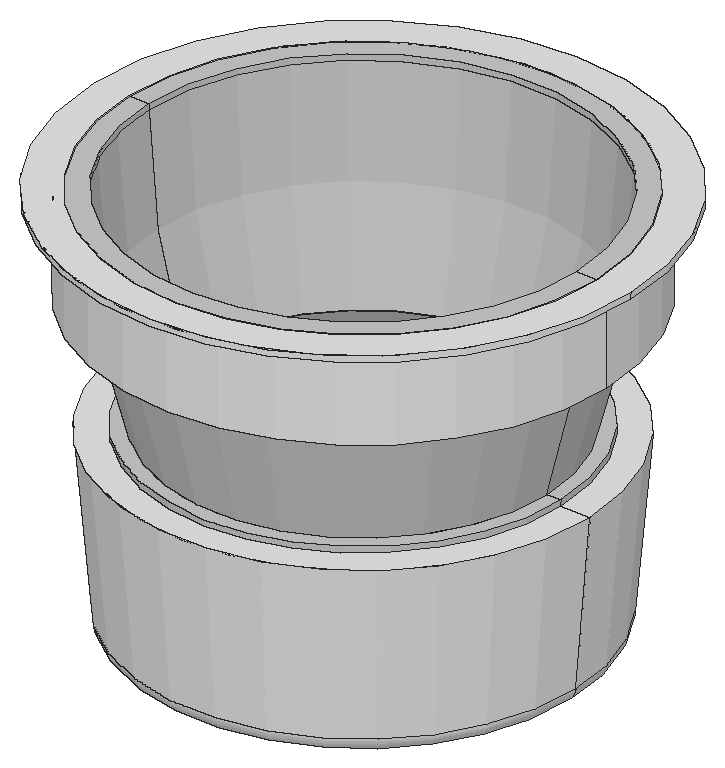
Revit family "2059363 Lighting Fixture_Sylvania_Ascent 150 II Round_Ceiling Recessed", category Lighting Fixtures, host Face, Revit 2017
Family settings
  Host = Face
  Round Connector Dimension = Use Diameter
  Part Type = Normal
  OmniClass Number = 23.80.70.11.17
  OmniClass Title = Specialized Lighting by Location or Use
  Cut with Voids When Loaded = No
  Light Source = Yes
  Shared = No
  Room Calculation Point = No
Parameters (values of type "ASCENT 150 II 2400 4K DALI EM")
  Upper Body Radius = Radius - 14.5 mm  # 80.0 mm
  Upper Body Material = Metal_Sylvania_Ascent 150 II_Black
  Ring Outer Diameter = Diameter - 17.0 mm  # 172.0 mm
  Ring Inner Diameter = Ring Outer Diameter - 4.0 mm  # 168.0 mm
  Reflector Material = Metal_Sylvania_Ascent 150 II_Polished
  Recessed Depth = 142.0 mm
  Radius = Diameter / 2  # 94.5 mm
  Light Emit  Diameter = Diameter - 38.0 mm  # 151.0 mm
  LOR = "100%"  # constant formula
  Inrush Current (max. quantity per 16A C breaker) = "80"  # constant formula
  Inner Reflector Radius = Inner Radius - 19.5 mm  # 63.0 mm
  Inner Radius = Inner Diameter / 2  # 82.5 mm
  Inner Diameter = Diameter - 24.0 mm  # 165.0 mm
  IP Rating = "IP44"  # constant formula
  IK Rating = "IK02"  # constant formula
  Glow Wire Test = 650 °C  # constant formula
  Energy Class = "A++,A+,A"  # constant formula
  Weight = 2.45 kg
  Wattage = 3.42276 W
  built-in parameter 1150110 = 1 (stored number, unit not read)
  Voltage Comments = "UNV (Universal Voltage; 220-240 Volt)"  # constant formula
  Voltage = 230 V  # constant formula
  URL = "https://www.sylvania-lighting.com"
  built-in parameter 1114217 = 1 (stored number, unit not read)
  Tilt Angle = -90°
  built-in parameter 1150109 = 1 (stored number, unit not read)
  built-in parameter 1150134 = 12
  built-in parameter 1150113 = 1 (stored number, unit not read)
  Product Page URL = "https://www.sylvania-lighting.com/product/en-int/products/2059363"
  Product Family = "ASCENT 150 II ROUND"  # constant formula
  Photometry Comments = ""
  Photometric Web File = "2059363_ASCENT150II24004kDALIEM-206440.ies"
  Life = "50 000 h"  # constant formula
  Emit from Circle Diameter = Light Emit  Diameter  # 151.0 mm
  Emit Shape Visible in Rendering = no
  Emergency duration (h) = "N/A"
  Electrical Protection = "Class II"  # constant formula
  Drive Current = "700mA"  # constant formula
  Distribution type = "Direct"  # constant formula
  Diffuser Material = Glass_Sylvania_Ascent 150 II_Clear_4000K
  Diameter = 189.0 mm
  Cutout Diameter = Diameter - 13.0 mm  # 176.0 mm
  Colour consistency (SDCM) = "3 step"  # constant formula
  built-in parameter 1114216 [instance] = 1 (stored number, unit not read)
  Model = "ASCENT 150 II 2400 4K DALI EM"
  Manufacturer = "Feilo Sylvania"
  built-in parameter 1150105 = 253.56 (stored number, unit not read)
  Lumens = 421 lm
  built-in parameter 1150115 = 1 (stored number, unit not read)
  built-in parameter 1150137 = (empty or 0)
  built-in parameter 1150139 = (empty or 0)
  built-in parameter 1150112 = 1 (stored number, unit not read)
  built-in parameter 1150114 = 1 (stored number, unit not read)
  Lamp Comments = "Integrated LED"  # constant formula
  Lamp = "LED"  # constant formula
  built-in parameter 1150132 = 2
  built-in parameter 1150102 = (empty or 0)
  built-in parameter 1150107 = 4000 (stored number, unit not read)
  built-in parameter 1150138 = (empty or 0)
  built-in parameter 1150106 = 2.5356 (stored number, unit not read)
  built-in parameter 1150104 = 11.427 (stored number, unit not read)
  Dimming Lamp Color Temperature Shift = <None>
  Description = "A very high efficient round downlight up to 127lm/W Long life >50,000hrs 4,000K and 3,000K CCT and CRI Ra85 IP44 rated for wet areas and bathrooms UGR <19 version for offices to comply with EN12464-1 Wide selection of decorative accessories"  # constant formula
  Default Elevation = 0.0 mm
  Color Filter = 16777215
  Catalog Number = "2059363 ASCENT 150 II 2400 4K DALI EM"
  built-in parameter 1140040 [instance] = 1
  CRI (Ra) = ">80"  # constant formula
  built-in parameter 1114218 = 1 (stored number, unit not read)
  built-in parameter 1150133 = 10 (stored number, unit not read)
  Assembly Code = "D5020200"
  Apparent Load Comments = ""
  Apparent Load = 14 VA
  Accessory Material = Aluminum_Sylvania_Ascent 150 II_White
Reference planes
  plane 1 "Center (Front/Back)": y = 0
  plane 2: z = 0
  plane 3 "Center (Left/Right)": x = 0
  plane 4: z = 2
  plane 5: z = -74
  plane 6 "Fixture Top": z = -140
  plane 7: z = -31
  plane 8: z = -72
  plane 9: z = -62.037
Forms (mm)
  Extrusion 1, solid, material "Aluminum_Sylvania_Ascent 150 II_White" <- "Accessory Material", detail levels fine
    sketch origin (0, 0, 0) x (1, 0, 0) y (0, 1, 0)
      loop
        circle (0, 0) r 94.5
      loop
        circle (0, 0) r 82.5
    from 0 to 2
  Extrusion 2, void
    sketch origin (0, 0, 0) x (1, 0, 0) y (0, 1, 0)
      loop
        circle (0, 0) r 88
    from -140 to 2
  Revolve 3, solid, material "Metal_Sylvania_Ascent 150 II_Polished" <- "Reflector Material", detail levels fine
    sketch origin (0, 0, 0) x (1, 0, 0) y (0, 0, 1)
      loop
        line (-82.5, 0) -> (-77.5, 0)
        arc (-77.5, 0) -> (-74.352, -36.539) -> (-65, -72) r 213.61
        line (-65, -72) -> (-70, -72) -> (-70, -74) -> (0, -74) -> (0, -72) -> (-63, -72)
        arc (-63, -72) -> (-72.352, -36.539) -> (-75.5, 0) r 213.61
        line (-75.5, 0) -> (-75.5, 2) -> (-82.5, 2) -> (-82.5, 0)
      axis (0, 2) -> (0, -74)
    angle from 0 to 360
  Extrusion 4, solid, material "Aluminum_Sylvania_Ascent 150 II_White" <- "Accessory Material", detail levels fine
    sketch origin (0, 0, 0) x (1, 0, 0) y (0, 1, 0)
      loop
        circle (0, 0) r 86
      loop
        circle (0, 0) r 84
    from -31 to 0
  Revolve 5, solid, material "Glass_Sylvania_Ascent 150 II_Clear_4000K" <- "Diffuser Material", detail levels fine
    sketch origin (0, 0, 0) x (1, 0, 0) y (0, 0, 1)
      loop
        line (-63, -72) -> (0, -72) -> (0, -62.037)
        arc (0, -62.037) -> (-31.891, -64.543) -> (-63, -72) r 204.163
      axis (0, -62.037) -> (0, -72)
    angle from 0 to 360
  Revolve 6, solid, material "Metal_Sylvania_Ascent 150 II_Black" <- "Upper Body Material", detail levels fine
    sketch origin (0, 0, 0) x (1, 0, 0) y (0, 0, 1)
      loop
        line (0, -74) -> (-80, -74) -> (-75.107, -129.929)
        arc (-75.107, -129.929) -> (-73.452, -133.536) -> (-69.924, -135.353) r 6.079
        arc (-69.924, -135.353) -> (-35.039, -138.837) -> (0, -140) r 528.435
        line (0, -140) -> (0, -74)
      axis (0, -74) -> (0, -140)
    angle from 0 to 360
  Revolve 7, solid, material "Aluminum_Sylvania_Ascent 150 II_White" <- "Accessory Material", detail levels coarse+medium
    sketch origin (0, 0, 0) x (1, 0, 0) y (0, 0, 1)
      loop
        arc (-69.924, -135.353) -> (-35.039, -138.837) -> (0, -140) r 528.435
        line (0, -140) -> (0, 2) -> (-94.5, 2) -> (-94.5, 0) -> (-86, 0) -> (-86, -31)
        arc (-86, -31) -> (-84.493, -52.708) -> (-80, -74) r 157.083
        line (-80, -74) -> (-75.107, -129.929)
        arc (-75.107, -129.929) -> (-73.452, -133.536) -> (-69.924, -135.353) r 6.079
      axis (0, 2) -> (0, -140)
    angle from 0 to 360
Cuts and joins
  joined: Extrusion 1, Extrusion 4
Lines and regions (mm)
  Masking region 1
    outline origin (0, 0, 0) x (1, 0, 0) y (0, 1, 0)
      loop
        circle (0, 0) r 94.5
  symbolic lines, detail levels fine
    curve 1: arc (-75.5, 0, 0) -> (0, 75.5, 0) -> (75.5, 0, 0) r 75.5
    curve 2: arc (75.5, 0, 0) -> (0, -75.5, 0) -> (-75.5, 0, 0) r 75.5
Dimensions and locks
  plane 4 to plane 2 to plane 7 to plane 9 to plane 8 to plane 5 = 2.0 mm locked, 31.0 mm locked, 31.037 mm locked, 9.963 mm locked, 2.0 mm locked
  "Inner Radius": plane 3 "Center (Left/Right)" to Revolve 3 sketch curve
  locked: Revolve 3 sketch curve to Revolve 3 sketch curve at 7
  Revolve 3 sketch curve to Revolve 3 sketch curve to Revolve 3 sketch curve to Revolve 3 sketch curve = 2.0 mm locked, 5.0 mm locked, 12.5 mm locked
  "Inner Reflector Radius": Revolve 5 sketch curve to imposter light
  Revolve 6 sketch curve to Revolve 6 sketch curve to plane 6 "Fixture Top" = 5.424 mm locked, 4.647 mm locked
  "Recessed Depth": plane 4 to plane 6 "Fixture Top"
  "Upper Body Radius": plane 3 "Center (Left/Right)" to Revolve 6 sketch curve
  Revolve 6 sketch curve to Revolve 6 sketch curve to Revolve 6 sketch curve = 4.893 mm locked, 5.183 mm locked
  Revolve 7 sketch curve to Revolve 7 sketch curve to plane 6 "Fixture Top" = 5.424 mm locked, 4.647 mm locked
  Revolve 7 sketch curve to Revolve 7 sketch curve to Revolve 7 sketch curve to Revolve 7 sketch curve to Revolve 7 sketch curve = 8.5 mm locked, 6.0 mm locked, 4.893 mm locked, 5.183 mm locked
  "Radius": plane 3 "Center (Left/Right)" to Revolve 7 sketch curve
  "Diameter": diameter of Extrusion 1 sketch curve
  "Inner Diameter": diameter of Extrusion 1 sketch curve
  "Cutout Diameter": diameter of Extrusion 2 sketch curve
  "Ring Outer Diameter": diameter of Extrusion 4 sketch curve
  "Ring Inner Diameter": diameter of Extrusion 4 sketch curve
  aligned and locked: plane 2 to host face
  aligned and locked: level to host face
  aligned and locked: imposter light to plane 3 "Center (Left/Right)"
  aligned and locked: imposter light to plane 1 "Center (Front/Back)"
  aligned and locked: Extrusion 1 to plane 2
  aligned and locked: plane 4 to Extrusion 1
  aligned and locked: imposter light to plane 4
  aligned and locked: imposter light to Revolve 3 sketch curve
  aligned and locked: Revolve 3 sketch curve to imposter light
  aligned and locked: Revolve 3 sketch curve to plane 2
  aligned and locked: Revolve 3 sketch curve to Revolve 3 sketch curve
  aligned and locked: plane 5 to Revolve 3 sketch curve
  aligned and locked: Extrusion 4 to plane 7
  aligned and locked: Revolve 3 sketch curve to plane 8
  aligned and locked: Revolve 5 sketch curve to plane 8
  aligned and locked: imposter light to Revolve 5 sketch curve  (x2)
  aligned and locked: imposter light to Revolve 6 sketch curve  (x2)
  aligned and locked: plane 5 to Revolve 6 sketch curve
  aligned and locked: plane 6 "Fixture Top" to Revolve 6 sketch curve
  aligned and locked: Revolve 7 sketch curve to plane 2
  aligned and locked: plane 4 to Revolve 7 sketch curve
  aligned and locked: plane 7 to Revolve 7 sketch curve
  aligned and locked: imposter light to Extrusion 2
  aligned and locked: Extrusion 2 to plane 6 "Fixture Top"
  aligned and locked: Masking region 1 sketch curve to Revolve 7  (x2)
  aligned and locked: curve 1 to Revolve 3
  aligned and locked: curve 2 to Revolve 3
Automatic sketch dimensions
  host sketch curve to host sketch curve = 1040.406 mm
  host sketch curve to host sketch curve = 988.385 mm
  Extrusion 1 sketch curve to Extrusion 1 sketch curve = 0.0 mm  (x2)
  plane 1 "Center (Front/Back)" to Extrusion 1 sketch curve = 0.0 mm
  Extrusion 1 sketch curve to plane 3 "Center (Left/Right)" = 0.0 mm
  plane 1 "Center (Front/Back)" to Extrusion 2 sketch curve = 0.0 mm
  Extrusion 2 sketch curve to plane 3 "Center (Left/Right)" = 0.0 mm
  Revolve 3 sketch curve to plane 3 "Center (Left/Right)" = 0.0 mm
  Revolve 3 sketch curve to level = 0.0 mm
  Revolve 3 sketch curve to Revolve 3 sketch curve = 2.0 mm
  Revolve 3 sketch curve to plane 5 = 27.065 mm
  plane 4 to Revolve 3 sketch curve = 16.525 mm
  Extrusion 4 sketch curve to Extrusion 4 sketch curve = 0.0 mm  (x2)
  plane 1 "Center (Front/Back)" to Extrusion 4 sketch curve = 0.0 mm
  Extrusion 4 sketch curve to plane 3 "Center (Left/Right)" = 0.0 mm
  Revolve 5 sketch curve to plane 9 = 0.0 mm
  Revolve 5 sketch curve to plane 5 = 17.158 mm
  Revolve 5 sketch curve to plane 7 = 15.158 mm
  Revolve 6 sketch curve to plane 7 = 0.0 mm
  Revolve 6 sketch curve to Revolve 6 sketch curve = 6.05 mm
  Revolve 6 sketch curve to plane 6 "Fixture Top" = 26.0 mm
  Revolve 7 sketch curve to plane 3 "Center (Left/Right)" = 0.0 mm  (x2)
  Revolve 7 sketch curve to plane 6 "Fixture Top" = 0.0 mm
  Revolve 7 sketch curve to plane 5 = 0.0 mm
  Revolve 7 sketch curve to plane 7 = 0.0 mm
  Revolve 7 sketch curve to Revolve 7 sketch curve = 0.866 mm
  Revolve 7 sketch curve to Revolve 7 sketch curve = 26.0 mm
Connectors
  electrical at (0, 0, -140), driven by "Apparent Load", driven by "Voltage"
    settings: index 1, voltage 230 V, apparent load 0 VA, apparent load phase1 14 VA, apparent load phase2 0 VA, apparent load phase3 0 VA, power factor 1, load classification "Lighting", number of poles 1, system type 31, power factor state 1, is connector primary yes, connector utility no, sub classification motor no, connector description ""
